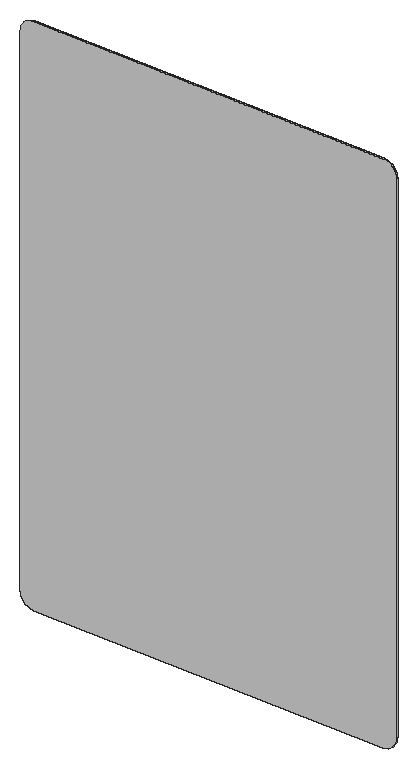
Revit family "Lustro_dla_zakładow_karnych 700 x 500 mm", category Furniture, host Wall, Revit 2019
Family settings
  Host = Wall
  Always vertical = Yes
  Cut with Voids When Loaded = No
  Shared = No
  Room Calculation Point = No
Parameters (values of type "N08071")
  Width / Szerokosc = 500 mm  # constant formula
  Weight / Waga = ""
  URL = "https://faneco.com/lustro-stalowe-dla-zakladow-karnych-700-x-500-mm.html"
  Type Comments = "Lustro dla zakładów karnych 700 x 500 mm stal szlachetna połysk"
  Product code / Kod produktu = "N08071"
  Model = ""
  Material finish / Wykonczenie = "Stal nierdzewna 304 polerowana"
  Manufacturer code / Kod producenta = "5901764294665"
  Manufacturer = "FANECO.com"
  Lustro = Stal nierdzewna AISI 304 polerowana
  Height / Wysokosc = 700 mm  # constant formula
  Description = "Lustro przeznaczone do zakładów penitencjarnych wykonane jest ze stali nierdzewnej polerowanej. Jest bardzo odporne na wszelkie akty wandalizmu, dlatego idealnie nadaje się do montażu w więzieniach. Lustro stalowe nie ulega stłuczeniu, co zapewnia wysokie bezpieczeństwo użytkowania."
  Depth / Glebokosc = 1.2 mm  # constant formula
Reference planes
  plane 1 "Wall": y = 0
  plane 2 "Center (Left/Right)": x = 125
  plane 3 "Back": y = 75
Forms (mm)
  Extrusion 1, solid, material "Stal nierdzewna AISI 304 polerowana" <- "Lustro"
    sketch origin (-5000, 75, 0) x (-1, 0, 0) y (0, 0, 1)
      loop
        arc (-5357, 1030.588) -> (-5369.728, 1025.316) -> (-5375, 1012.588) r 18
        line (-5375, 1012.588) -> (-5375, 348.588)
        arc (-5375, 348.588) -> (-5369.728, 335.86) -> (-5357, 330.588) r 18
        line (-5357, 330.588) -> (-4893, 330.588)
        arc (-4893, 330.588) -> (-4880.272, 335.86) -> (-4875, 348.588) r 18
        line (-4875, 348.588) -> (-4875, 1012.588)
        arc (-4875, 1012.588) -> (-4880.272, 1025.316) -> (-4893, 1030.588) r 18
        line (-4893, 1030.588) -> (-5357, 1030.588)
    from 0 to 1.2
Text (mm)
  text "Placement Side" at (-1848.837, 1116.779, 0), in view "Ref. Level"
  text "Placement side" at (0, 1409.804, 2854.306), in view "Left"
  text "Placement side" at (0, 499.811, 2980.732), in view "Right"
Dimensions and locks
  locked: plane 3 "Back" to host wall
  aligned and locked: plane 1 "Wall" to host wall
